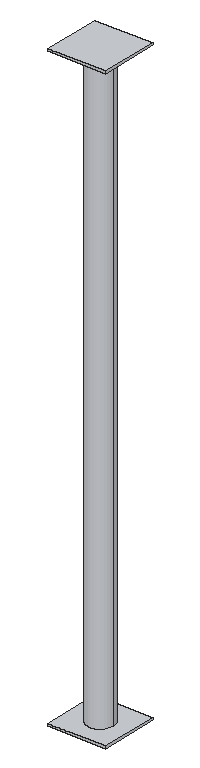
Revit family "Reshoring Poles Titan", category Columns, Revit 2021
Family settings
  Work Plane-Based = No
  Cut with Voids When Loaded = No
  Automatically joins geometry to walls = No
  Shared = Yes
  Show family pre-cut in plan views = Yes
Parameters (values of type "Titan HV#1")
  Shore Dia. = 0' - 2 19/32"
  Pour Name [instance] = ""
  Plate Thickness = 0' - 0 3/16"
  Model = "Titan HV#1"
  Min. Height = 4' - 4"
  Max. Height = 6' - 7"
  Lookup_Table = "Lookup_Titan-HV1"
  Load Capacity [instance] = size_lookup(Lookup_Table, "Load Capacity", 0.00 lbf, 1' 0")  # 0.00 lbf
  Height_Lookup [instance] = rounddown(Height / 0' 1") * 0' 1"  # 5' - 0"
  Height Calc [instance] = if(Height < Min. Height, Min. Height, if(Height < Max. Height, Height, Max. Height))  # 5' - 0"
  Height [instance] = 5' - 0"
  Default Elevation = 0' - 0"
  CSH [instance] = 5' - 0"
  Base Plate Sq = 0' - 5 23/32"
Types (7): name | Model | Min. Height | Max. Height | Lookup_Table | Height_Lookup | Height Calc | Height | CSH
  Titan HV#1 | "Titan HV#1" | 4' - 4" | 6' - 7" | "Lookup_Titan-HV1" | 5' - 0" | 5' - 0" | 5' - 0" | 5' - 0"
  Titan HV#2 | "Titan HV#2" | 6' - 7" | 10' - 8" | "Lookup_Titan-HV2" | 6' - 6" | 6' - 7" | 6' - 7" | 6' - 7"
  Titan HV#3 | "Titan HV#3" | 7' - 10" | 11' - 7" | "Lookup_Titan-HV3" | 7' - 9" | 7' - 10" | 7' - 10" | 7' - 10"
  Titan HV#4 | "Titan HV#4" | 9' - 8" | 14' - 4" | "Lookup_Titan-HV4" | 9' - 8" | 9' - 8" | 9' - 8" | 9' - 8"
  Titan HV#5 | "Titan HV#5" | 10' - 10" | 18' - 10" | "Lookup_Titan-HV5" | 10' - 9" | 10' - 10" | 10' - 10" | 10' - 10"
  Titan HV#5 +2' Ext | "Titan HV#5 +2' Ext" | 19' - 0" | 20' - 10" | "Lookup_Titan-HV5w1Ext" | 19' - 0" | 19' - 0" | 19' - 0" | 19' - 0"
  Titan HV#5 +4' Ext | "Titan HV#5 +4' Ext" | 21' - 0" | 22' - 10" | "Lookup_Titan-HV5w2Ext" | 21' - 0" | 21' - 0" | 21' - 0" | 21' - 0"
Reference planes (in)
  plane 1 "Center (Front/Back)": y = 0
  plane 2 "Bottom": z = 0
  plane 3 "Center (Left/Right)": x = 0
  plane 4 "Top": z = 60
  plane 5: z = 0.1875
  plane 6: z = 59.8125
  plane 7: x = -2.85937
  plane 8: x = 2.85938
  plane 9: y = 2.85937
  plane 10: y = -2.85938
Forms (in)
  Extrusion 1, solid
    sketch origin (0, 0, 0) x (1, 0, 0) y (0, 1, 0)
      loop
        line (-2.85937, 2.85937) -> (-2.85937, -2.85938) -> (2.85938, -2.85938) -> (2.85938, 2.85937) -> (-2.85937, 2.85937)
    from 0 to 0.1875
  Extrusion 2, solid
    sketch origin (0, 0, 60) x (-1, 0, 0) y (0, -1, 0)
      loop
        line (2.85937, 2.85938) -> (-2.85938, 2.85938) -> (-2.85938, -2.85937) -> (2.85937, -2.85937) -> (2.85937, 2.85938)
    from 0 to -0.1875
  Extrusion 3, solid
    sketch origin (0, 0, 0) x (1, 0, 0) y (0, 1, 0)
      loop
        circle (0, 0) r 1.29688
    from 0 to 60
Cuts and joins
  joined: Extrusion 1, Extrusion 2, Extrusion 3
Lines and regions (in)
  reference lines
    curve 1: line (0, 0, 0) -> (0, 0, 60)
  model lines, style "InvisibleLines"
    curve 2: circle (0, 0, 60) r 1.29688 normal (0, 0, 1)
Dimensions and locks (in)
  "CSH": plane 4 "Top" to level
  "Base Plate Sq": Extrusion 1 sketch curve to Extrusion 1 sketch curve  (x2)
  equal spacing: Extrusion 1 sketch curve, plane 1 "Center (Front/Back)", Extrusion 1 sketch curve
  equal spacing: Extrusion 1 sketch curve, plane 3 "Center (Left/Right)", Extrusion 1 sketch curve
  "Plate Thickness": plane 5 to plane 2 "Bottom"
  "Plate Thickness": plane 4 "Top" to plane 6
  equal spacing: plane 10, plane 1 "Center (Front/Back)", plane 9
  "Base Plate Sq": plane 10 to plane 9
  equal spacing: plane 7, plane 3 "Center (Left/Right)", plane 8
  "Base Plate Sq": plane 7 to plane 8
  "Height Calc": plane 4 "Top" to plane 2 "Bottom"
  "Shore Dia.": diameter of curve 2
  aligned and locked: plane 2 "Bottom" to level
  aligned and locked: level to curve 1
  aligned and locked: plane 4 "Top" to curve 1
  aligned and locked: plane 3 "Center (Left/Right)" to curve 1
  aligned and locked: plane 5 to Extrusion 1
  aligned and locked: Extrusion 1 to plane 2 "Bottom"
  aligned and locked: Extrusion 2 sketch curve to Extrusion 1  (x4)
  aligned and locked: Extrusion 2 to plane 6
  aligned and locked: Extrusion 3 sketch curve to curve 2
  aligned and locked: plane 4 "Top" to Extrusion 3
Automatic sketch dimensions
  plane 1 "Center (Front/Back)" to curve 2 = 0' - 0"
  curve 2 to plane 3 "Center (Left/Right)" = 0' - 0"
